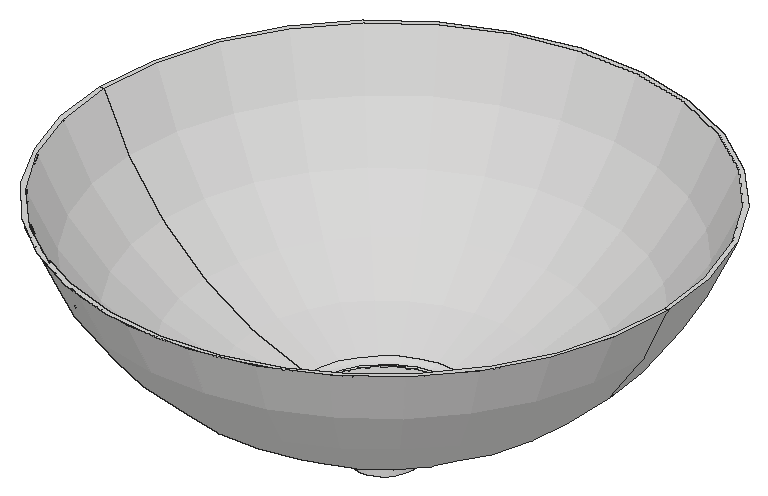
Revit family "Reece_Basin_Alape_Circa_Above Counter Basin", category Plumbing Fixtures, host Face, Revit 2018
Family settings
  Host = Face
  Round Connector Dimension = Use Diameter
  Part Type = Normal
  Cut with Voids When Loaded = No
  Shared = Yes
  Room Calculation Point = Yes
Parameters
  WFU = 0  # constant formula
  URL = "https://www.reece.com.au/product/-1806080"
  Type Comments = "Basin"
  Reece_Product_Web Page = "https://www.reece.com.au/product/-1806080"
  Reece_Product_Type = "Basin"  # constant formula
  Reece_Product_Sub Brand = "Circa"  # constant formula
  Reece_Product_Number = "1806080"
  Reece_Product_Mount = "Above Counter"
  Reece_Product_Description = "Alape Circa Above Counter Basin 360mm Terra Matte Oyster"
  Reece_Product_Brand = "Alape"  # constant formula
  Reece_Overall_Width = 360 mm  # constant formula
  Reece_Overall_Length = 360 mm  # constant formula
  Reece_Overall_Height = 131 mm  # constant formula
  Reece_Overall_Capacity = 6.50 L  # constant formula
  Reece_Material-Main = Reece_Metal_Steel Enamelled_Matte Oyster
  Reece_Detail_Installation = "Above Counter"  # constant formula
  Reece_Detail_Disclaimer = "THIS FILE IS THE PROPERTY OF THE REECE GROUP. IT MAY NOT BE REPRODUCED, REVERSE-ENGINEERED OR MODIFIED. ANY REPUBLICATION, TRANSMISSION OR DISTRIBUTION FOR THE PURPOSE OF COMMERCIALLY EXPLOITING THE FILES IS PROHIBITED."  # constant formula
  Reece_Detail_Connector = "No Taphole"  # constant formula
  Reece_Detail_Additional = "No Overflow"  # constant formula
  Reece_Basin_Outlet = 40 mm  # constant formula
  Model = "Circa"
  Manufacturer = "Alape"
  Keynote = "Product #1806080, Reece_Basin_Alape_Circa_Above Counter Basin -  "
  HWFU = 0  # constant formula
  Disclaimer = "THIS FILE IS THE PROPERTY OF THE REECE GROUP. IT MAY NOT BE REPRODUCED, REVERSE-ENGINEERED OR MODIFIED. ANY REPUBLICATION, TRANSMISSION OR DISTRIBUTION FOR THE PURPOSE OF COMMERCIALLY EXPLOITING THE FILES IS PROHIBITED."  # constant formula
  Description = "Alape Circa Above Counter Basin 360mm Terra Matte Oyster"
  Default Elevation = 1000 mm
  CWFU = 0  # constant formula
Types (4, lengths in mm): name | URL | Reece_Product_Web Page | Reece_Product_Number | Reece_Product_Description | Reece_Material-Main | Keynote | Description
  (no name) | "https://www.reece.com.au/product/-1806080" | "https://www.reece.com.au/product/-1806080" | "1806080" | "Alape Circa Above Counter Basin 360mm Terra Matte Oyster" | Reece_Metal_Steel Enamelled_Matte Oyster | "Product #1806080, Reece_Basin_Alape_Circa_Above Counter Basin -  " | "Alape Circa Above Counter Basin 360mm Terra Matte Oyster"
  Matte Gravel | "https://www.reece.com.au/product/-1806078" | "https://www.reece.com.au/product/-1806078" | "1806078" | "Alape Circa Above Counter Basin 360mm Terra Matte Gravel" | Reece_Metal_Steel Enamelled_Matte Gravel | "Product #1806078, Reece_Basin_Alape_Circa_Above Counter Basin - Matte Gravel" | "Alape Circa Above Counter Basin 360mm Terra Matte Gravel"
  Matte Nordic | "https://www.reece.com.au/product/-1806079" | "https://www.reece.com.au/product/-1806079" | "1806079" | "Alape Circa Above Counter Basin 360mm Terra Matte Nordic" | Reece_Metal_Steel Enamelled_Matte Nordic | "Product #1806079, Reece_Basin_Alape_Circa_Above Counter Basin - Matte Nordic" | "Alape Circa Above Counter Basin 360mm Terra Matte Nordic"
  Matte Oyster | "https://www.reece.com.au/product/-1806080" | "https://www.reece.com.au/product/-1806080" | "1806080" | "Alape Circa Above Counter Basin 360mm Terra Matte Oyster" | Reece_Metal_Steel Enamelled_Matte Oyster | "Product #1806080, Reece_Basin_Alape_Circa_Above Counter Basin - Matte Oyster" | "Alape Circa Above Counter Basin 360mm Terra Matte Oyster"
Reference planes
  plane 1 "Center (Front/Back)": y = -79.125
  plane 2 "Bottom": z = 0
  plane 3 "Center (Left/Right)": x = 0
  plane 4 "Top": z = 131
  plane 5: y = 100.875
  plane 6: x = 180
  plane 7: x = -180
  plane 8: y = -259.125
Forms (mm)
  Revolve 1, solid, material "Reece_Metal_Steel Enamelled_Matte Oyster" <- "Reece_Material-Main"
    sketch origin (0, -79.125, 0) x (1, 0, 0) y (0, 0, 1)
      loop
        arc (-49.351, 12.004) -> (-48.076, 11.385) -> (-47.145, 10.315) r 3.543
        line (-47.145, 10.315) -> (-39.978, 0) -> (-36.812, 0) -> (-44.951, 11.713)
        arc (-44.951, 11.713) -> (-46.55, 13.49) -> (-48.706, 14.523) r 6.143
        arc (-48.706, 14.523) -> (-127.403, 56.848) -> (-177.262, 131) r 185.909
        line (-177.262, 131) -> (-180.026, 131)
        arc (-180.026, 131) -> (-129.498, 55.239) -> (-49.351, 12.004) r 188.509
      axis (0, 131) -> (0, 0)
    angle from 0 to 360
  Extrusion 2, void
    sketch origin (0, 0, 0) x (1, 0, 0) y (0, 1, 0)
      loop
        circle (0, -79.125) r 22.5
    from -80 to 0
  Revolve 3, solid, material "Reece_Metal_Steel Enamelled_Matte Oyster" <- "Reece_Material-Main"
    sketch origin (0, -79.125, 13.188) x (1, 0, 0) y (0, 0, 1)
      loop
        line (-42, -1.274) -> (-42, -2.249) -> (-18.461, -2.249) -> (-18.461, -29.388) -> (0, -29.388) -> (0, 2.612)
        arc (0, 2.612) -> (-20.696, 1.977) -> (-41.264, -0.412) r 243.67
        arc (-41.264, -0.412) -> (-41.791, -0.707) -> (-42, -1.274) r 0.873
      axis (0, -29.388) -> (0, 2.612)
    angle from 0 to 360
Text (mm)
  text "Reece Copyright © 2018, Reece Ltd." at (-902.343, -740.328, 0), in view "Ref. Level"
  text "Reece ©" at (44.384, 258.95, 192.345), in view "Reece Preview"
Dimensions and locks
  equal spacing: plane 7, plane 3 "Center (Left/Right)", plane 6
  "Reece_Overall_Width": plane 7 to plane 6
  "Reece_Overall_Length": plane 5 to plane 8  (x2)
  equal spacing: plane 5, plane 1 "Center (Front/Back)", plane 8
  "Reece_Overall_Height": plane 4 "Top" to host face
  aligned and locked: host face to plane 2 "Bottom"
  aligned and locked: level to host face
Automatic sketch dimensions
  host sketch curve to host sketch curve = 801.051 mm
  host sketch curve to host sketch curve = 660.299 mm
  plane 1 "Center (Front/Back)" to Extrusion 2 sketch curve = 0 mm
  Extrusion 2 sketch curve to plane 3 "Center (Left/Right)" = 0 mm
  Revolve 3 sketch curve to plane 3 "Center (Left/Right)" = 0 mm  (x2)
  Revolve 3 sketch curve to plane 3 "Center (Left/Right)" = 2.889 mm
  Revolve 3 sketch curve to plane 3 "Center (Left/Right)" = 18.461 mm
  Revolve 3 sketch curve to Revolve 3 sketch curve = 22.665 mm
  Revolve 3 sketch curve to Revolve 3 sketch curve = 0.873 mm
  Revolve 3 sketch curve to level = 16.2 mm
  Revolve 3 sketch curve to Revolve 3 sketch curve = 211.653 mm
  Revolve 3 sketch curve to Revolve 3 sketch curve = 7.167 mm
  Revolve 3 sketch curve to Revolve 3 sketch curve = 2.885 mm
  Revolve 1 sketch curve to Revolve 1 sketch curve = 0 mm  (x8)
  Revolve 1 sketch curve to level = 0 mm  (x2)
  Revolve 1 sketch curve to plane 3 "Center (Left/Right)" = 0 mm
  Revolve 1 sketch curve to plane 4 "Top" = 0 mm
  Revolve 1 sketch curve to plane 3 "Center (Left/Right)" = 2.577 mm
  Revolve 1 sketch curve to Revolve 1 sketch curve = 36.812 mm
  Revolve 1 sketch curve to Revolve 1 sketch curve = 3.166 mm
  Revolve 1 sketch curve to Revolve 1 sketch curve = 4.973 mm
  Revolve 1 sketch curve to Revolve 1 sketch curve = 2.195 mm
  Revolve 1 sketch curve to Revolve 1 sketch curve = 3.085 mm
  Revolve 1 sketch curve to plane 7 = 2.738 mm
  plane 4 "Top" to Revolve 1 sketch curve = 0 mm
  plane 7 to Revolve 1 sketch curve = 0.026 mm
  level to Revolve 1 sketch curve = 8.572 mm
  Revolve 1 sketch curve to Revolve 1 sketch curve = 1.743 mm
  level to Revolve 3 sketch curve = 10.939 mm
  Revolve 3 sketch curve to Revolve 3 sketch curve = 0.974 mm
  level to Revolve 3 sketch curve = 15.8 mm
  radius of Extrusion 2 sketch curve = 22.5 mm
Connectors
  piping at (0, -79.125, -16.2), diameter 40, driven by "Reece_Basin_Outlet"
    settings: on Revolve 3, index 1, connector inside diameter 609.6 mm, connector length 0 mm, flow factor 0, pipe flow 0.0 L/s, pressure drop 0.0 Pa, fitting loss kfactor 0, connector angle 0.00°, fixture units 0, engagement length 0 mm, angle of deflection 0.00°, flow configuration 0, flow direction 2, fitting loss method 0, system type 16, joint type 0, gender type 0, connector reference index -1, connector utility 0, adjustable connector no, is connector primary yes, connector description ""
